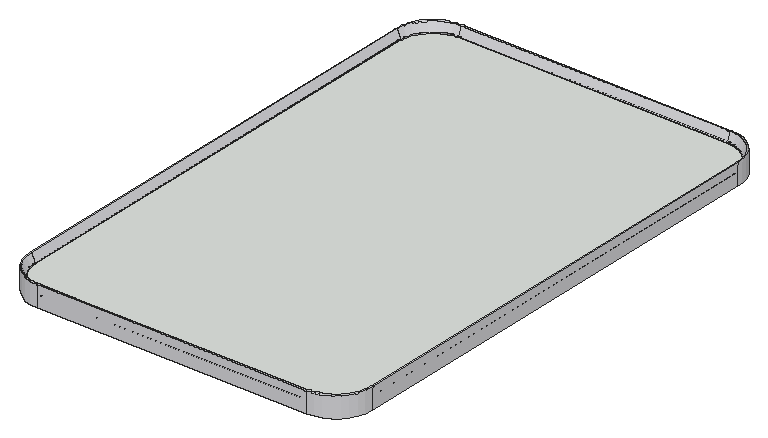
Revit family "Furniture-Mirror-KOHLER-Essential-K-26052", category Specialty Equipment, host Face, Revit 2017
Family settings
  Host = Face
  Round Connector Dimension = Use Diameter
  Part Type = Normal
  OmniClass Number = 23.21.37.13.15
  OmniClass Title = Mirrors
  Cut with Voids When Loaded = No
  Shared = No
  Room Calculation Point = No
Parameters (values of type "CPL-Polished Chrome")
  Width = 22"  # constant formula
  WaterSense Certified = 1 = 0  # no
  URL = "https://www.us.kohler.com/us/"
  Type = 4
  Product Page URL = "http://www.us.kohler.com/us/catalog/productDetails.jsp?productId=26052"
  Product Name = "Essential"  # constant formula
  Product Documentation Link = "https://www.us.kohler.com/webassets/kpna/catalog/pdf/en/K-26052_spec.pdf"
  Model = if(Type = 1, "K-26052-BLL", if(Type = 2, "K-26052-BGL", if(Type = 3, "K-26052-BNL", if(Type = 4, "K-26052-CPL", "NA"))))  # "K-26052-CPL"
  Material = "Aluminium"  # constant formula
  Master Format 2014 Name = "Mirrors"  # constant formula
  Master Format 2014 = "08 83 00"  # constant formula
  Manufacturer Address = "444 Highland Dr, Kohler, WI 53044"  # constant formula
  Manufacturer = "KOHLER Co."  # constant formula
  Length = 1 3/8"  # constant formula
  Height = 34 1/16"  # constant formula
  Finish = KOHLER-Metal-CPL-Polished_Chrome
  Environmental Product Declaration = ""
  Description = "Rectangle Mirror 22inch * 34inch"  # constant formula
  Default Elevation = 60"
  Declare Label = ""
  Date Modified = "12/08/2020"  # constant formula
  Date Created = "12/08/2020"  # constant formula
  Copyright = "Copyright KOHLER Co."  # constant formula
  Contact Us = "https://www.us.kohler.com/us/static/contact.jsp"
  Assembly Code = "E20"
  ADA Compliant = 1 = 0  # no
Types (5): name | Type | Model | Finish
  (no name) | 4 | "K-26052-CPL" | KOHLER-Metal-CPL-Polished_Chrome
  BLL-Matte Black | 1 | "K-26052-BLL" | KOHLER-Metal-BLL-Matte_Black
  BGL-Moderne Brushed Gold | 2 | "K-26052-BGL" | KOHLER-Metal-BGL-Moderne_Brushed_Gold
  BNL-Brushed Nickel | 3 | "K-26052-BNL" | KOHLER-Metal-BNL-Brushed_Nickel
  CPL-Polished Chrome | 4 | "K-26052-CPL" | KOHLER-Metal-CPL-Polished_Chrome
Reference planes (in)
  plane 1 "Center (Front/Back)": y = 0
  plane 2: z = 0
  plane 3 "Center (Left/Right)": x = 0
  plane 4: x = -11
  plane 5: x = -10.8125
  plane 6: y = 17.03125
  plane 7: y = 16.84375
  plane 8: x = 11
  plane 9: x = 10.8125
  plane 10: y = -17.03125
  plane 11: y = -16.84375
  plane 12: x = -5.28125
  plane 13: x = 5.28125
  plane 14: y = 11.15625
  plane 15: y = -10.84375
  plane 16: z = 0.62971
  plane 17: z = 1.375
Dimensions and locks (in)
  "Width": plane 4 to plane 8
  "Height": plane 6 to plane 10
  locked: plane 12 to plane 13 at 10.5625
  locked: plane 11 to plane 7 at 33.6875
  locked: plane 15 to plane 14 at 22
  locked: plane 14 to plane 6 at 5.875
  locked: plane 13 to plane 8 at 5.71875
  "Length": plane 17 to level
  aligned and locked: plane 2 to host face
  aligned and locked: level to host face
  aligned and locked: plane 3 "Center (Left/Right)" to nested 1
Automatic sketch dimensions
  host sketch curve to host sketch curve = 96"  (x2)
Nested families (in)
  nested 1: "K-26052" at (0, 0, 0), type "K-26052"
Definition of nested family "K-26052"
  Parameters (values of type "K-26052")
    Material = none
  Reference planes (in)
    plane 1 "Center (Front/Back)": y = 0
    plane 2: z = 0
    plane 3 "Center (Left/Right)": x = 0
    plane 4: x = -11
    plane 5: x = 11
    plane 6: x = -5.28125
    plane 7: x = 5.28125
    plane 8: y = 17.03125
    plane 9: y = -17.03125
    plane 10: y = 11.15625
    plane 11: y = -10.84375
    plane 12: y = 16.84375
    plane 13: y = -16.84375
    plane 14: x = -10.8125
    plane 15: x = 10.8125
    plane 16: z = 1.375
    plane 17: z = 0.62971
  Forms (in)
    Sweep 1, solid, material <- "Material", detail levels medium+fine
      path origin (0, 0, 0) x (1, 0, 0) y (0, 1, 0)
        loop
          arc (-8.65249, 17.03125) -> (-10.31243, 16.34368) -> (-11, 14.68374) r 2.34751
          line (-11, 14.68374) -> (-11, -14.68359)
          arc (-11, -14.68359) -> (-10.31239, -16.34364) -> (-8.65234, -17.03125) r 2.34766
          line (-8.65234, -17.03125) -> (8.65234, -17.03125)
          arc (8.65234, -17.03125) -> (10.31239, -16.34364) -> (11, -14.68359) r 2.34766
          line (11, -14.68359) -> (11, 14.68359)
          arc (11, 14.68359) -> (10.31239, 16.34364) -> (8.65234, 17.03125) r 2.34766
          line (8.65234, 17.03125) -> (-8.65249, 17.03125)
      profile origin (-0.00007, 17.03125, 0) x (0, 1, 0) y (0, 0, 1)
        loop
          arc (0, 1.34322) -> (-0.02488, 1.37422) -> (-0.06053, 1.35665) r 0.03176
          line (-0.06053, 1.35665) -> (-0.3145, 0.81244)
          arc (-0.3145, 0.81244) -> (-0.3134, 0.79554) -> (-0.29855, 0.7874) r 0.0176
          line (-0.29855, 0.7874) -> (-0.21259, 0.7874)
          arc (-0.21259, 0.7874) -> (-0.19485, 0.78005) -> (-0.1875, 0.76231) r 0.02509
          line (-0.1875, 0.76231) -> (-0.1875, 0.65455)
          arc (-0.1875, 0.65455) -> (-0.19471, 0.63713) -> (-0.21213, 0.62992) r 0.02463
          line (-0.21213, 0.62992) -> (-0.32413, 0.62992) -> (-0.32413, 0.11781) -> (-0.21601, 0.11781)
          arc (-0.21601, 0.11781) -> (-0.19585, 0.10946) -> (-0.1875, 0.0893) r 0.02851
          line (-0.1875, 0.0893) -> (-0.1875, 0) -> (0, 0) -> (0, 1.34322)
    Extrusion 2, solid, material <- "Material", detail levels medium+fine
      sketch origin (0, 0, 0) x (1, 0, 0) y (0, 1, 0)
        loop
          line (-10.67587, 14.68374) -> (-10.67587, -14.68359)
          arc (-10.67587, -14.68359) -> (-10.08319, -16.11444) -> (-8.65234, -16.70712) r 2.02352
          line (-8.65234, -16.70712) -> (8.65234, -16.70712)
          arc (8.65234, -16.70712) -> (10.08319, -16.11444) -> (10.67587, -14.68359) r 2.02352
          line (10.67587, -14.68359) -> (10.67587, 14.68359)
          arc (10.67587, 14.68359) -> (10.08319, 16.11444) -> (8.65234, 16.70712) r 2.02352
          line (8.65234, 16.70712) -> (-8.65249, 16.70712)
          arc (-8.65249, 16.70712) -> (-10.08323, 16.11448) -> (-10.67587, 14.68374) r 2.02338
      from 0.11781 to 0.62992
    Sweep 3, solid, detail levels medium+fine
      path origin (0, 0, 0) x (1, 0, 0) y (0, 1, 0)
        loop
          arc (-8.65471, 16.84375) -> (-10.1805, 16.21175) -> (-10.8125, 14.68596) r 2.15779
          line (-10.8125, 14.68596) -> (-10.8125, -14.6875)
          arc (-10.8125, -14.6875) -> (-10.18095, -16.2122) -> (-8.65625, -16.84375) r 2.15625
          line (-8.65625, -16.84375) -> (8.65625, -16.84375)
          arc (8.65625, -16.84375) -> (10.18095, -16.2122) -> (10.8125, -14.6875) r 2.15625
          line (10.8125, -14.6875) -> (10.8125, 14.6875)
          arc (10.8125, 14.6875) -> (10.18095, 16.2122) -> (8.65625, 16.84375) r 2.15625
          line (8.65625, 16.84375) -> (-8.65471, 16.84375)
      profile origin (0.00077, 16.84375, 0) x (0, 1, 0) y (0, 0, 1)
        loop
          arc (-0.02668, 0.62992) -> (-0.00782, 0.63773) -> (0, 0.6566) r 0.02668
          line (0, 0.6566) -> (0, 0.75834)
          arc (0, 0.75834) -> (-0.0084, 0.77862) -> (-0.02867, 0.78701) r 0.02867
          line (-0.02867, 0.78701) -> (-0.113, 0.78701) -> (-0.113, 0.62992) -> (-0.02668, 0.62992)
    Extrusion 4, solid, detail levels medium+fine
      sketch origin (0, 0, 0) x (1, 0, 0) y (0, 1, 0)
        loop
          arc (-8.65471, 16.73075) -> (-10.10059, 16.13184) -> (-10.6995, 14.68596) r 2.04478
          line (-10.6995, 14.68596) -> (-10.6995, -14.6875)
          arc (-10.6995, -14.6875) -> (-10.10104, -16.13229) -> (-8.65625, -16.73075) r 2.04325
          line (-8.65625, -16.73075) -> (8.65625, -16.73075)
          arc (8.65625, -16.73075) -> (10.10104, -16.13229) -> (10.6995, -14.6875) r 2.04325
          line (10.6995, -14.6875) -> (10.6995, 14.6875)
          arc (10.6995, 14.6875) -> (10.10104, 16.13229) -> (8.65625, 16.73075) r 2.04325
          line (8.65625, 16.73075) -> (-8.65471, 16.73075)
      from 0.62992 to 0.78701
    Extrusion 5, solid, material <- "Material", detail levels medium+fine
      sketch origin (0, 0, 0) x (1, 0, 0) y (0, 1, 0)
        loop
          arc (-6.9106, 9.39232) -> (-6.85493, 9.25792) -> (-6.72052, 9.20225) r 0.19007
          line (-6.72052, 9.20225) -> (-3.86634, 9.20225)
          arc (-3.86634, 9.20225) -> (-3.73617, 9.25617) -> (-3.68225, 9.38634) r 0.18409
          line (-3.68225, 9.38634) -> (-3.68225, 12.0369) -> (-6.9106, 12.0369) -> (-6.9106, 9.39232)
        loop
          line (-5.39149, 11.69241) -> (-5.39149, 11.47642)
          arc (-5.39149, 11.47642) -> (-5.43868, 11.45604) -> (-5.48225, 11.42876) r 0.33861
          arc (-5.48225, 11.42876) -> (-5.53727, 11.37786) -> (-5.57975, 11.31611) r 0.33861
          arc (-5.57975, 11.31611) -> (-5.59158, 11.29173) -> (-5.60142, 11.26649) r 0.33861
          line (-5.60142, 11.26649) -> (-5.81741, 11.26649)
          arc (-5.81741, 11.26649) -> (-5.92764, 11.15625) -> (-5.81741, 11.04601) r 0.11024
          line (-5.81741, 11.04601) -> (-5.60142, 11.04601)
          arc (-5.60142, 11.04601) -> (-5.57748, 10.99221) -> (-5.54458, 10.94337) r 0.33861
          arc (-5.54458, 10.94337) -> (-5.4949, 10.89355) -> (-5.43599, 10.85506) r 0.33861
          arc (-5.43599, 10.85506) -> (-5.41408, 10.84478) -> (-5.39149, 10.83608) r 0.33861
          line (-5.39149, 10.83608) -> (-5.39149, 10.62009)
          arc (-5.39149, 10.62009) -> (-5.28125, 10.50986) -> (-5.17101, 10.62009) r 0.11024
          line (-5.17101, 10.62009) -> (-5.17101, 10.83608)
          arc (-5.17101, 10.83608) -> (-5.05439, 10.90487) -> (-4.97404, 11.01384) r 0.33861
          arc (-4.97404, 11.01384) -> (-4.96715, 11.02976) -> (-4.96108, 11.04601) r 0.33861
          line (-4.96108, 11.04601) -> (-4.74509, 11.04601)
          arc (-4.74509, 11.04601) -> (-4.63486, 11.15625) -> (-4.74509, 11.26649) r 0.11024
          line (-4.74509, 11.26649) -> (-4.96108, 11.26649)
          arc (-4.96108, 11.26649) -> (-5.02082, 11.37267) -> (-5.11428, 11.45083) r 0.33861
          arc (-5.11428, 11.45083) -> (-5.14206, 11.46493) -> (-5.17101, 11.47642) r 0.33861
          line (-5.17101, 11.47642) -> (-5.17101, 11.69241)
          arc (-5.17101, 11.69241) -> (-5.28125, 11.80264) -> (-5.39149, 11.69241) r 0.11024
        loop
          circle (-6.33218, 9.8523) r 0.13672
        loop
          circle (-4.23032, 9.8523) r 0.13672
        loop
          circle (-5.28125, 9.8523) r 0.13672
        loop
          arc (3.6519, 9.39232) -> (3.70757, 9.25792) -> (3.84198, 9.20225) r 0.19007
          line (3.84198, 9.20225) -> (6.69616, 9.20225)
          arc (6.69616, 9.20225) -> (6.82633, 9.25617) -> (6.88025, 9.38634) r 0.18409
          line (6.88025, 9.38634) -> (6.88025, 12.0369) -> (3.6519, 12.0369) -> (3.6519, 9.39232)
        loop
          line (5.17101, 11.69241) -> (5.17101, 11.47642)
          arc (5.17101, 11.47642) -> (5.12382, 11.45604) -> (5.08025, 11.42876) r 0.33861
          arc (5.08025, 11.42876) -> (5.02523, 11.37786) -> (4.98275, 11.31611) r 0.33861
          arc (4.98275, 11.31611) -> (4.97092, 11.29173) -> (4.96108, 11.26649) r 0.33861
          line (4.96108, 11.26649) -> (4.74509, 11.26649)
          arc (4.74509, 11.26649) -> (4.63486, 11.15625) -> (4.74509, 11.04601) r 0.11024
          line (4.74509, 11.04601) -> (4.96108, 11.04601)
          arc (4.96108, 11.04601) -> (4.98502, 10.99221) -> (5.01792, 10.94337) r 0.33861
          arc (5.01792, 10.94337) -> (5.0676, 10.89355) -> (5.12651, 10.85506) r 0.33861
          arc (5.12651, 10.85506) -> (5.14842, 10.84478) -> (5.17101, 10.83608) r 0.33861
          line (5.17101, 10.83608) -> (5.17101, 10.62009)
          arc (5.17101, 10.62009) -> (5.28125, 10.50986) -> (5.39149, 10.62009) r 0.11024
          line (5.39149, 10.62009) -> (5.39149, 10.83608)
          arc (5.39149, 10.83608) -> (5.50811, 10.90487) -> (5.58846, 11.01384) r 0.33861
          arc (5.58846, 11.01384) -> (5.59535, 11.02976) -> (5.60142, 11.04601) r 0.33861
          line (5.60142, 11.04601) -> (5.81741, 11.04601)
          arc (5.81741, 11.04601) -> (5.92764, 11.15625) -> (5.81741, 11.26649) r 0.11024
          line (5.81741, 11.26649) -> (5.60142, 11.26649)
          arc (5.60142, 11.26649) -> (5.54168, 11.37267) -> (5.44822, 11.45083) r 0.33861
          arc (5.44822, 11.45083) -> (5.42044, 11.46493) -> (5.39149, 11.47642) r 0.33861
          line (5.39149, 11.47642) -> (5.39149, 11.69241)
          arc (5.39149, 11.69241) -> (5.28125, 11.80264) -> (5.17101, 11.69241) r 0.11024
        loop
          circle (4.23032, 9.8523) r 0.13672
        loop
          circle (6.33218, 9.8523) r 0.13672
        loop
          circle (5.28125, 9.8523) r 0.13672
        loop
          arc (3.6519, -12.60768) -> (3.70757, -12.74208) -> (3.84198, -12.79775) r 0.19007
          line (3.84198, -12.79775) -> (6.69616, -12.79775)
          arc (6.69616, -12.79775) -> (6.82633, -12.74383) -> (6.88025, -12.61366) r 0.18409
          line (6.88025, -12.61366) -> (6.88025, -9.9631) -> (3.6519, -9.9631) -> (3.6519, -12.60768)
        loop
          line (5.17101, -10.30759) -> (5.17101, -10.52358)
          arc (5.17101, -10.52358) -> (5.12382, -10.54396) -> (5.08025, -10.57124) r 0.33861
          arc (5.08025, -10.57124) -> (5.02523, -10.62214) -> (4.98275, -10.68389) r 0.33861
          arc (4.98275, -10.68389) -> (4.97092, -10.70827) -> (4.96108, -10.73351) r 0.33861
          line (4.96108, -10.73351) -> (4.74509, -10.73351)
          arc (4.74509, -10.73351) -> (4.63486, -10.84375) -> (4.74509, -10.95399) r 0.11024
          line (4.74509, -10.95399) -> (4.96108, -10.95399)
          arc (4.96108, -10.95399) -> (4.98502, -11.00779) -> (5.01792, -11.05663) r 0.33861
          arc (5.01792, -11.05663) -> (5.0676, -11.10645) -> (5.12651, -11.14494) r 0.33861
          arc (5.12651, -11.14494) -> (5.14842, -11.15522) -> (5.17101, -11.16392) r 0.33861
          line (5.17101, -11.16392) -> (5.17101, -11.37991)
          arc (5.17101, -11.37991) -> (5.28125, -11.49014) -> (5.39149, -11.37991) r 0.11024
          line (5.39149, -11.37991) -> (5.39149, -11.16392)
          arc (5.39149, -11.16392) -> (5.50811, -11.09513) -> (5.58846, -10.98616) r 0.33861
          arc (5.58846, -10.98616) -> (5.59535, -10.97024) -> (5.60142, -10.95399) r 0.33861
          line (5.60142, -10.95399) -> (5.81741, -10.95399)
          arc (5.81741, -10.95399) -> (5.92764, -10.84375) -> (5.81741, -10.73351) r 0.11024
          line (5.81741, -10.73351) -> (5.60142, -10.73351)
          arc (5.60142, -10.73351) -> (5.54168, -10.62733) -> (5.44822, -10.54917) r 0.33861
          arc (5.44822, -10.54917) -> (5.42044, -10.53507) -> (5.39149, -10.52358) r 0.33861
          line (5.39149, -10.52358) -> (5.39149, -10.30759)
          arc (5.39149, -10.30759) -> (5.28125, -10.19736) -> (5.17101, -10.30759) r 0.11024
        loop
          circle (4.23032, -12.1477) r 0.13672
        loop
          circle (6.33218, -12.1477) r 0.13672
        loop
          circle (5.28125, -12.1477) r 0.13672
        loop
          arc (-6.9076, -12.60768) -> (-6.85193, -12.74208) -> (-6.71753, -12.79775) r 0.19007
          line (-6.71753, -12.79775) -> (-3.86335, -12.79775)
          arc (-3.86335, -12.79775) -> (-3.73318, -12.74383) -> (-3.67926, -12.61366) r 0.18409
          line (-3.67926, -12.61366) -> (-3.67926, -9.9631) -> (-6.9076, -9.9631) -> (-6.9076, -12.60768)
        loop
          line (-5.38849, -10.30759) -> (-5.38849, -10.52358)
          arc (-5.38849, -10.52358) -> (-5.43569, -10.54396) -> (-5.47926, -10.57124) r 0.33861
          arc (-5.47926, -10.57124) -> (-5.53428, -10.62214) -> (-5.57676, -10.68389) r 0.33861
          arc (-5.57676, -10.68389) -> (-5.58859, -10.70827) -> (-5.59843, -10.73351) r 0.33861
          line (-5.59843, -10.73351) -> (-5.81442, -10.73351)
          arc (-5.81442, -10.73351) -> (-5.92465, -10.84375) -> (-5.81442, -10.95399) r 0.11024
          line (-5.81442, -10.95399) -> (-5.59843, -10.95399)
          arc (-5.59843, -10.95399) -> (-5.57449, -11.00779) -> (-5.54159, -11.05663) r 0.33861
          arc (-5.54159, -11.05663) -> (-5.49191, -11.10645) -> (-5.433, -11.14494) r 0.33861
          arc (-5.433, -11.14494) -> (-5.41109, -11.15522) -> (-5.38849, -11.16392) r 0.33861
          line (-5.38849, -11.16392) -> (-5.38849, -11.37991)
          arc (-5.38849, -11.37991) -> (-5.27826, -11.49014) -> (-5.16802, -11.37991) r 0.11024
          line (-5.16802, -11.37991) -> (-5.16802, -11.16392)
          arc (-5.16802, -11.16392) -> (-5.0514, -11.09513) -> (-4.97104, -10.98616) r 0.33861
          arc (-4.97104, -10.98616) -> (-4.96416, -10.97024) -> (-4.95809, -10.95399) r 0.33861
          line (-4.95809, -10.95399) -> (-4.7421, -10.95399)
          arc (-4.7421, -10.95399) -> (-4.63186, -10.84375) -> (-4.7421, -10.73351) r 0.11024
          line (-4.7421, -10.73351) -> (-4.95809, -10.73351)
          arc (-4.95809, -10.73351) -> (-5.01783, -10.62733) -> (-5.11129, -10.54917) r 0.33861
          arc (-5.11129, -10.54917) -> (-5.13907, -10.53507) -> (-5.16802, -10.52358) r 0.33861
          line (-5.16802, -10.52358) -> (-5.16802, -10.30759)
          arc (-5.16802, -10.30759) -> (-5.27826, -10.19736) -> (-5.38849, -10.30759) r 0.11024
        loop
          circle (-6.32918, -12.1477) r 0.13672
        loop
          circle (-4.22733, -12.1477) r 0.13672
        loop
          circle (-5.27826, -12.1477) r 0.13672
      from 0 to 0.12346
    Extrusion 6, solid, material <- "Material", detail levels coarse
      sketch origin (0, 0, 0) x (1, 0, 0) y (0, 1, 0)
        loop
          line (-11, 17.03125) -> (-11, -17.03125) -> (11, -17.03125) -> (11, 17.03125) -> (-11, 17.03125)
      from 0 to 1.375
    Extrusion 7, void
      sketch origin (0, 0, 0) x (1, 0, 0) y (0, 1, 0)
        loop
          line (-10.0625, 16.09375) -> (-10.0625, -16.09375) -> (10.0625, -16.09375) -> (10.0625, 16.09375) -> (-10.0625, 16.09375)
      from 0.4052 to 2.4486
    Extrusion 8, solid, detail levels coarse
      sketch origin (0, 0, 0) x (1, 0, 0) y (0, 1, 0)
        loop
          line (-10.0625, 16.09375) -> (-10.0625, -16.09375) -> (10.0625, -16.09375) -> (10.0625, 16.09375) -> (-10.0625, 16.09375)
      from 0.4052 to 0.72039
  Cuts and joins
    joined: Sweep 3, Extrusion 4
    joined: Sweep 1, Extrusion 2, Extrusion 5
    Extrusion 7 cuts Extrusion 6
  Lines and regions (in)
    Masking region 1
      outline origin (0, 0, 0) x (0, 1, 0) y (0, 0, 1)
        loop
          line (17.03125, 0) -> (17.03125, 1.34148)
          arc (17.03125, 1.34148) -> (17.02143, 1.36518) -> (16.99773, 1.375) r 0.03352
          line (16.99773, 1.375) -> (-16.99773, 1.375)
          arc (-16.99773, 1.375) -> (-17.02143, 1.36518) -> (-17.03125, 1.34148) r 0.03352
          line (-17.03125, 1.34148) -> (-17.03125, 0) -> (17.03125, 0)
    Masking region 2
      outline origin (0, 0, 0) x (1, 0, 0) y (0, 0, 1)
        loop
          line (10.96847, 1.375) -> (-10.96847, 1.375)
          arc (-10.96847, 1.375) -> (-10.99076, 1.36576) -> (-11, 1.34347) r 0.03153
          line (-11, 1.34347) -> (-11, 0) -> (11, 0) -> (11, 1.34347)
          arc (11, 1.34347) -> (10.99076, 1.36576) -> (10.96847, 1.375) r 0.03153
    Masking region 3
      outline origin (0, 0, 0) x (1, 0, 0) y (0, 1, 0)
        loop
          arc (-8.66497, 17.03125) -> (-10.31609, 16.34734) -> (-11, 14.69622) r 2.33503
          line (-11, 14.69622) -> (-11, -14.69531)
          arc (-11, -14.69531) -> (-10.31582, -16.34707) -> (-8.66406, -17.03125) r 2.33594
          line (-8.66406, -17.03125) -> (8.66406, -17.03125)
          arc (8.66406, -17.03125) -> (10.31582, -16.34707) -> (11, -14.69531) r 2.33594
          line (11, -14.69531) -> (11, 14.69531)
          arc (11, 14.69531) -> (10.31582, 16.34707) -> (8.66406, 17.03125) r 2.33594
          line (8.66406, 17.03125) -> (-8.66497, 17.03125)
    symbolic lines, detail levels medium+fine
      curve 1: line (-8.67435, 16.84375, 0) -> (8.67578, 16.84375, 0)
      curve 2: line (-10.8125, 14.7056, 0) -> (-10.8125, -14.70703, 0)
      curve 3: line (10.8125, 14.70703, 0) -> (10.8125, -14.70703, 0)
      curve 4: line (-8.67578, -16.84375, 0) -> (8.67578, -16.84375, 0)
      curve 5: arc (-8.67435, 16.84375, 0) -> (-10.18625, 16.2175, 0) -> (-10.8125, 14.7056, 0) r 2.13815
      curve 6: arc (8.67578, 16.84375, 0) -> (10.18667, 16.21792, 0) -> (10.8125, 14.70703, 0) r 2.13672
      curve 7: arc (-10.8125, -14.70703, 0) -> (-10.18667, -16.21792, 0) -> (-8.67578, -16.84375, 0) r 2.13672
      curve 8: arc (8.67578, -16.84375, 0) -> (10.18667, -16.21792, 0) -> (10.8125, -14.70703, 0) r 2.13672
  Dimensions and locks (in)
    locked: plane 4 to plane 5 at 22
    plane 6 to plane 7 = 10 9/16"
    locked: plane 9 to plane 8 at 34.0625
    plane 8 to plane 10 = 5 7/8"
    plane 10 to plane 11 = 22"
    locked: plane 12 to plane 13 at 33.6875
    plane 9 to plane 13 = 3/16"
    plane 4 to plane 14 = 3/16"
    plane 16 to level = 1 3/8"
    aligned and locked: plane 2 to level
